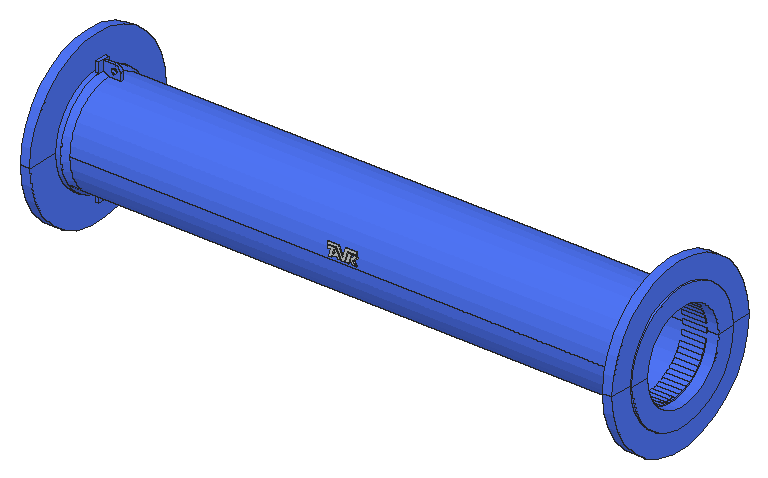
Revit family "712-5320-001-DN100-300", category Pipe Accessories, Revit 2019
Family settings
  Round Connector Dimension = Use Diameter
  Part Type = Valve - Breaks Into
  Work Plane-Based = No
  Always vertical = Yes
  Cut with Voids When Loaded = No
  Shared = No
Parameters (values of type "DN150_PN10/16")
  Search_Table = "712-5320-001-DN100-300"
  Rf_Dia = size_lookup(Search_Table, "Rf_Dia", 0 mm, [Nominal Diameter (DN)]) / 2  # 105.5 mm
  RF_Thick = size_lookup(Search_Table, "Rf_Thickness", 0 mm, [Nominal Diameter (DN)])  # 4 mm
  L = 1000 mm  # constant formula
  ID = [Nominal Diameter (DN)] / 2  # 75 mm
  Flange_thickness = size_lookup(Search_Table, "Flange_thickness", 0 mm, [Nominal Diameter (DN)])  # 20 mm
  Nominal Diameter (DN) = 150 mm
  FOD = size_lookup(Search_Table, "FOD", 0 mm, [Nominal Diameter (DN)]) / 2  # 142.5 mm
  URL product pages = "https://www.avkvalves.com/P.aspx?no=712010053201"
  Description_ = "AVK FLANGED PIPE W/LOOSE FLANGES"
  DN300_PN16 = "712-0300-53-201"
  DN300_PN10 = "712-0300-53-200"
  DN250_PN16 = "712-0250-53-201"
  DN250_PN10 = "712-0250-53-200"
  DN200_PN16 = "712-0200-53-201"
  DN200_PN10 = "712-0200-53-200"
  DN150_PN10/16 = "712-0150-53-201"
  DN100_PN10/16 = "712-0100-53-201"
  CH2 = Flange_thickness * 2  # 40 mm
  CH = ID + 15 mm  # 90 mm
  Body_wallthickness = 10 mm  # constant formula
Types (9, lengths in mm): name | Rf_Dia | RF_Thick | ID | Flange_thickness | Nominal Diameter (DN) | FOD | CH2 | CH
  (no name) | 105.5 | 4 | 75 | 20 | 150 | 142.5 | 40 | 90
  DN100_PN10/16 | 78 | 3 | 50 | 19 | 100 | 110 | 38 | 65
  DN150_PN10/16 | 105.5 | 4 | 75 | 20 | 150 | 142.5 | 40 | 90
  DN200_PN10 | 133 | 4 | 100 | 20 | 200 | 170 | 40 | 115
  DN250_PN10 | 159.5 | 4 | 125 | 22 | 250 | 200 | 44 | 140
  DN250_PN16 | 159.5 | 4 | 125 | 22 | 250 | 200 | 44 | 140
  DN200_PN16 | 133 | 4 | 100 | 20 | 200 | 170 | 40 | 115
  DN300_PN10 | 185 | 4 | 150 | 24 | 300 | 227.5 | 48 | 165
  DN300_PN16 | 185 | 4 | 150 | 24 | 300 | 227.5 | 48 | 165
Reference planes
  plane 1 "Center (Front/Back)": y = 0
  plane 2: z = 0
  plane 3 "Center (Left/Right)": x = 0
  plane 4: y = 75
  plane 5: x = -500
  plane 6: x = -480
  plane 7: x = 480
  plane 8: x = 500
  plane 9: y = 85
  plane 10: y = 142.5
  plane 11: y = 10
  plane 12: y = -10
  plane 13: y = 2.5
  plane 14: y = -2.5
Forms (mm)
  Revolve 1, solid, material "Plastic"
    sketch origin (0, 0, 0) x (1, 0, 0) y (0, 1, 0)
      loop
        line (-480, 142.5) -> (-500, 142.5) -> (-500, 75) -> (500, 75) -> (500, 142.5) -> (480, 142.5) -> (480, 85) -> (-480, 85) -> (-480, 142.5)
      axis (-500, 0) -> (500, 0)
    angle from 0 to 360
  Revolve 2, void
    sketch origin (0, 0, 0) x (1, 0, 0) y (0, 1, 0)
      loop
        line (500, 142.5) -> (496, 142.5) -> (496, 105.5) -> (500, 105.5) -> (500, 142.5)
      loop
        line (-500, 142.5) -> (-500, 105.5) -> (-496, 105.5) -> (-496, 142.5) -> (-500, 142.5)
      axis (-500, 0) -> (500, 0)
    angle from 0 to 360
  Extrusion 3, solid, material "Plastic"
    sketch origin (0, 0, 0) x (1, 0, 0) y (0, 0, 1)
      loop
        line (-475.337, 105.5) -> (-475.337, -105.5) -> (-470.337, -105.5) -> (-470.337, 105.5) -> (-475.337, 105.5)
      loop
        line (475, 105.5) -> (470, 105.5) -> (470, -105.5) -> (475, -105.5) -> (475, 105.5)
    from -10 to 10
  Revolve 4, solid, material "Plastic"
    sketch origin (0, 0, 0) x (1, 0, 0) y (0, 0, 1)
      loop
        line (-480, 90) -> (-480, 75) -> (-440, 75) -> (-470.337, 90) -> (-480, 90)
      loop
        line (480, 90) -> (470.337, 90) -> (440, 75) -> (480, 75) -> (480, 90)
      axis (-480, 0) -> (480, 0)
    angle from 0 to 360
  Revolve 5, void
    sketch origin (0, 0, 0) x (1, 0, 0) y (0, 0, 1)
      loop
        line (-500, 75) -> (-500, 0) -> (500, 0) -> (500, 75) -> (-500, 75)
      axis (-500, 0) -> (500, 0)
    angle from 0 to 360
  Extrusion 6, solid, material "Plastic"
    sketch origin (0, 0, 0) x (1, 0, 0) y (0, 0, 1)
      loop
        line (-470.337, 105.5) -> (-470.337, 75) -> (-440, 75) -> (-440, 95.5)
        arc (-440, 95.5) -> (-442.929, 102.571) -> (-450, 105.5) r 10
        line (-450, 105.5) -> (-470.337, 105.5)
      loop
        circle (-450, 95.5) r 5
    from -2.5 to 2.5
Cuts and joins
  Revolve 2, Revolve 5 cuts Revolve 1
  Revolve 5 cuts Extrusion 3
  Revolve 5 cuts Revolve 4
Dimensions and locks
  "Flange_thickness": plane 7 to plane 8
  equal spacing: plane 5, plane 3 "Center (Left/Right)", plane 8
  "L": plane 5 to plane 8
  "ID": plane 1 "Center (Front/Back)" to plane 4
  "Flange_thickness": plane 5 to plane 6
  "Body_wallthickness": plane 9 to plane 4
  "FOD": plane 1 "Center (Front/Back)" to plane 10
  "RF_Thick": Revolve 2 sketch curve to Revolve 2 sketch curve
  "Rf_Dia": plane 1 "Center (Front/Back)" to Revolve 2 sketch curve
  "FOD": plane 1 "Center (Front/Back)" to Revolve 2 sketch curve
  "RF_Thick": Revolve 1 to Revolve 2 sketch curve
  cut or joined group of Revolve 1, Revolve 2, Revolve 5 to cut or joined group of Revolve 1, Revolve 2, Revolve 5 = 1000 mm
  locked: cut or joined group of Revolve 1, Revolve 2, Revolve 5 to Extrusion 3 sketch curve at 4.663
  "Rf_Dia": Extrusion 3 sketch curve to level  (x2)
  "Rf_Dia": level to Extrusion 3 sketch curve  (x2)
  locked: Extrusion 3 sketch curve to Extrusion 3 sketch curve at 5  (x2)
  locked: cut or joined group of Revolve 1, Revolve 2, Revolve 5 to Extrusion 3 sketch curve at 5
  "ID": Revolve 4 sketch curve to level  (x2)
  "CH": Revolve 4 sketch curve to level  (x2)
  locked: cut or joined group of Revolve 1, Revolve 2, Revolve 5 to Revolve 4 sketch curve at 9.663
  "CH2": cut or joined group of Revolve 1, Revolve 2, Revolve 5 to Revolve 4 sketch curve
  locked: Revolve 4 sketch curve to cut or joined group of Revolve 1, Revolve 2, Revolve 5 at 9.663
  "CH2": Revolve 4 sketch curve to cut or joined group of Revolve 1, Revolve 2, Revolve 5
  "ID": Revolve 5 sketch curve to Revolve 5 sketch curve
  "ID": Extrusion 6 sketch curve to level
  equal spacing: plane 13, plane 1 "Center (Front/Back)", plane 14
  locked: plane 13 to plane 14 at 5
  aligned and locked: level to plane 2
  aligned and locked: plane 5 to Revolve 1 sketch curve
  aligned and locked: plane 6 to Revolve 1 sketch curve
  aligned and locked: plane 7 to Revolve 1 sketch curve
  aligned and locked: plane 8 to Revolve 1 sketch curve
  aligned and locked: plane 10 to Revolve 1 sketch curve  (x2)
  aligned and locked: Revolve 1 sketch curve to plane 10
  aligned and locked: plane 1 "Center (Front/Back)" to Revolve 1 sketch curve
  aligned and locked: Revolve 2 sketch curve to Revolve 1  (x2)
  aligned and locked: Revolve 2 sketch curve to Revolve 2 sketch curve  (x2)
  aligned and locked: plane 1 "Center (Front/Back)" to Revolve 2 sketch curve
  aligned and locked: plane 3 "Center (Left/Right)" to nested 1
  aligned and locked: Extrusion 3 to plane 12
  aligned and locked: plane 11 to Extrusion 3
  aligned and locked: cut or joined group of Revolve 1, Revolve 2, Revolve 5 to Revolve 4 sketch curve  (x2)
  aligned and locked: Revolve 4 sketch curve to plane 2
  aligned and locked: Revolve 5 sketch curve to cut or joined group of Revolve 1, Revolve 2, Revolve 5  (x3)
  aligned and locked: Revolve 5 sketch curve to Revolve 5 sketch curve
  aligned and locked: Extrusion 6 sketch curve to cut or joined group of Extrusion 3, Revolve 5
  aligned and locked: cut or joined group of Extrusion 3, Revolve 5 to Extrusion 6 sketch curve
  aligned and locked: Extrusion 6 sketch curve to cut or joined group of Revolve 4, Revolve 5
  aligned and locked: Extrusion 6 to plane 14
  aligned and locked: plane 13 to Extrusion 6
Automatic sketch dimensions
  Revolve 1 sketch curve to plane 4 = 0 mm
  Revolve 1 sketch curve to plane 9 = 0 mm
  plane 6 to Revolve 1 sketch curve = 11 mm
  plane 3 "Center (Left/Right)" to Revolve 1 sketch curve = 15 mm
  Revolve 2 sketch curve to plane 3 "Center (Left/Right)" = 7 mm
  plane 3 "Center (Left/Right)" to Revolve 2 sketch curve = 18 mm
  Revolve 4 sketch curve to Revolve 4 sketch curve = 13 mm
  Revolve 4 sketch curve to Revolve 4 sketch curve = 20 mm
  Revolve 5 sketch curve to plane 3 "Center (Left/Right)" = 35 mm
  plane 3 "Center (Left/Right)" to Revolve 5 sketch curve = 40 mm
  Extrusion 6 sketch curve to Extrusion 6 sketch curve = 0 mm  (x2)
  Extrusion 6 sketch curve to Extrusion 6 sketch curve = 10 mm
  radius of Extrusion 6 sketch curve = 5 mm
Nested families
  nested 1: "LOGO - Copy - Copy - Copy - Copy.0001" at (0, -84.805, -5.755) x (1, 0, 0) z (0, -0.9977, -0.0677), type "LOGO - Copy - Copy - Copy - Copy.0001"
Connectors
  piping at (500, 0, 0), diameter 150, driven by "Nominal Diameter (DN)"
    settings: on Revolve 1, index 1, connector inside diameter 609.6 mm, connector length 0 mm, flow factor 0, pipe flow 0.0 L/s, pressure drop 0.0 Pa, fitting loss kfactor 0, connector angle 0.00°, fixture units 0, engagement length 0 mm, angle of deflection 0.00°, flow configuration 0, flow direction 0, fitting loss method 0, system type 7, joint type 0, gender type 0, connector reference index -1, connector utility 0, adjustable connector no, is connector primary yes, connector description ""
  piping at (-500, 0, 0), diameter 150, driven by "Nominal Diameter (DN)"
    settings: on Revolve 1, index 2, connector inside diameter 609.6 mm, connector length 0 mm, flow factor 0, pipe flow 0.0 L/s, pressure drop 0.0 Pa, fitting loss kfactor 0, connector angle 0.00°, fixture units 0, engagement length 0 mm, angle of deflection 0.00°, flow configuration 0, flow direction 0, fitting loss method 0, system type 7, joint type 0, gender type 0, connector reference index -1, connector utility 0, adjustable connector no, is connector primary no, connector description ""
Definition of nested family "LOGO - Copy - Copy - Copy - Copy.0001"
  Parameters (values of type "LOGO - Copy - Copy - Copy - Copy.0001")
    Default Elevation = 1219.2 mm
  Reference planes
    plane 1 "Center (Front/Back)": y = 0
    plane 2: z = 0
    plane 3 "Center (Left/Right)": x = 0
  Forms (mm)
    Extrusion 1, solid
      sketch origin (0, 0, 0) x (1, 0, 0) y (0, 1, 0)
        loop
          line (-1219.2, 1219.2) -> (-1219.2, -1219.2) -> (1219.2, -1219.2) -> (1219.2, 1219.2) -> (-1219.2, 1219.2)
      from 0 to -304.8
    Extrusion 2, solid
      sketch origin (0, 0, 0) x (1, 0, 0) y (0, 1, 0)
        loop
          line (-6.514, 34.224) -> (-24, 34.224) -> (-24, 29.481) -> (-9.766, 29.481) -> (-2.391, 11.367) -> (2.391, 11.367) -> (9.766, 29.481) -> (24, 29.481) -> (24, 34.224) -> (6.514, 34.224) -> (0, 18.224) -> (-6.514, 34.224)
        loop
          line (-10.996, 27.653) -> (-24, 27.653) -> (-24, 23.081) -> (-19.503, 23.081) -> (-24, 11.367) -> (-18.92, 11.367) -> (-17.955, 13.881) -> (-10.51, 13.881) -> (-9.486, 11.367) -> (-4.365, 11.367) -> (-10.996, 27.653)
        loop
          line (-16.777, 18.224) -> (-12.278, 18.224) -> (-14.594, 23.912) -> (-16.777, 18.224)
        loop
          line (4.365, 11.367) -> (9.486, 11.367) -> (12.093, 17.77) -> (16.918, 11.367) -> (22.857, 11.367) -> (17.399, 18.61)
          arc (17.399, 18.61) -> (20.583, 20.18) -> (22.629, 23.081) r 7.2
          line (22.629, 23.081) -> (24, 23.081) -> (24, 27.653) -> (19.429, 27.653)
          arc (19.429, 27.653) -> (17.763, 23.526) -> (13.699, 21.714) r 5.943
          line (13.699, 21.714) -> (16.117, 27.653) -> (10.996, 27.653) -> (4.365, 11.367)
      from 0 to 1
  Dimensions and locks
    aligned and locked: plane 2 to Extrusion 1
    aligned and locked: level to Extrusion 1
    aligned and locked: Extrusion 2 sketch curve to import instance
